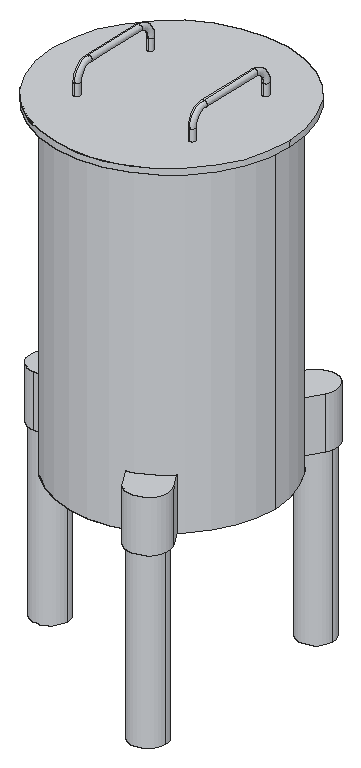
Revit family "M_Reservatório de mistura - Inferior em cone", category Equipamento mecânico, Revit 2019
Family settings
  Cota do conector redondo = Usar raio
  Tipo de parte = Normal
  Número OmniClass = 23.15.30.27.11
  Título OmniClass = Tanks, Reservoirs
  ID de item do Seek = Mixing Tank - Cone Bottom-0000-CAN-ENU
  Com base no plano de trabalho = Não
  Sempre na vertical = Sim
  Corte com vazios quando carregada = Não
  Compartilhado = Não
  Ponto de cálculo do ambiente = Não
Parameters (values of type "114 L")
  Material do reservatório = none
  Raio do reservatório = 229 mm
  Altura do reservatório = 737 mm
  Queda de pressão [instance] = 69000.0 Pa
  Raio da saída = 25 mm
  Diâmetro da saída = Raio da saída * 2  # 50 mm
  Material da perna = none
  Deslocamento vertical da perna = Deslocamento da perna * sin(60.00°)  # 231.229 mm
  Deslocamento horizontal da perna = Deslocamento da perna * cos(60.00°)  # 133.5 mm
  Deslocamento da perna = Raio do reservatório + 38 mm  # 267 mm
  Altura da perna = 384 mm
  Comprimento do corrimão = 203 mm
  Distância do corrimão = 254 mm
  Fluxo [instance] = 0.63 L/s
  Raio da cobertura = Raio do reservatório + 32 mm  # 261 mm
  Deslocamento inferior = Raio do reservatório * tan(15.00°)  # 61.36 mm
Types (8, lengths in mm): name | Raio do reservatório | Altura do reservatório | Raio da saída | Diâmetro da saída | Deslocamento vertical da perna | Deslocamento horizontal da perna | Deslocamento da perna | Altura da perna | Comprimento do corrimão | Distância do corrimão | Raio da cobertura | Deslocamento inferior
  (no name) | 229 | 737 | 25 | 50 | 231.229 | 133.5 | 267 | 384 | 203 | 254 | 261 | 61.36
  114 L | 229 | 737 | 25 | 50 | 231.229 | 133.5 | 267 | 384 | 203 | 254 | 261 | 61.36
  209 L | 289 | 889 | 25 | 50 | 283.19 | 163.5 | 327 | 401 | 305 | 305 | 321 | 77.437
  380 L | 387 | 889 | 25 | 50 | 368.061 | 212.5 | 425 | 422 | 305 | 457 | 419 | 103.696
  760 L | 483 | 1188 | 50 | 100 | 451.199 | 260.5 | 521 | 453 | 406 | 610 | 515 | 129.419
  950 L | 660 | 1486 | 50 | 100 | 604.486 | 349 | 698 | 510 | 406 | 813 | 692 | 176.846
  1140 L | 927 | 1778 | 50 | 100 | 835.715 | 482.5 | 965 | 572 | 406 | 1067 | 959 | 248.389
  1520 L | 1105 | 1778 | 50 | 100 | 989.867 | 571.5 | 1143 | 621 | 406 | 1321 | 1137 | 296.084
Reference planes
  plane 1 "Centro (Frente/Trás)": y = 0
  plane 2: z = 0
  plane 3 "Centro (Esquerda/Direita)": x = 0
  plane 4 "Parte superior da curva": z = 384
  plane 5: z = 1121
  plane 6: z = 1108.3
  plane 7 "Esquerda do corrimão": x = -127
  plane 8 "Direita do corrimão": x = 127
  plane 9: y = 101.5
  plane 10: y = -101.5
  plane 11: z = 1178.15
  plane 12 "Parte inferior da curva": z = 322.64
  plane 13: z = 293.271
  plane 14: x = -267
  plane 15: y = 231.229
  plane 16: y = -231.229
  plane 17: x = 133.5
  plane 18: z = 498.475
  plane 19: y = 44.45
  plane 20: y = -44.45
Forms (mm)
  Extrusion 1, solid, material <- "Material do reservatório", detail levels medium+fine
    sketch origin (0, 0, 0) x (1, 0, 0) y (0, 1, 0)
      loop
        circle (0, 0) r 261
    from 1108.3 to 1121
  Extrusion 2, solid, material <- "Material do reservatório"
    sketch origin (0, 0, 0) x (1, 0, 0) y (0, 1, 0)
      loop
        circle (0, 0) r 229
    from 384 to 1108.3
  Sweep 3, solid, material <- "Material do reservatório", detail levels medium+fine
    path origin (-127, 0, 0) x (0, 1, 0) y (0, 0, 1)
      loop
        line (101.5, 1121) -> (101.5, 1146.4)
        arc (101.5, 1146.4) -> (92.201, 1168.851) -> (69.75, 1178.15) r 31.75
        line (69.75, 1178.15) -> (-69.75, 1178.15)
        arc (-69.75, 1178.15) -> (-92.201, 1168.851) -> (-101.5, 1146.4) r 31.75
        line (-101.5, 1146.4) -> (-101.5, 1121)
    profile origin (-127, 101.5, 1133.7) x (0, -1, 0) y (1, 0, 0)
      loop
        circle (0, 0) r 6.35
  Sweep 4, solid, material <- "Material do reservatório", detail levels medium+fine
    path origin (127, 0, 0) x (0, 1, 0) y (0, 0, 1)
      loop
        line (101.5, 1121) -> (101.5, 1146.4)
        arc (101.5, 1146.4) -> (92.201, 1168.851) -> (69.75, 1178.15) r 31.75
        line (69.75, 1178.15) -> (-69.75, 1178.15)
        arc (-69.75, 1178.15) -> (-92.201, 1168.851) -> (-101.5, 1146.4) r 31.75
        line (-101.5, 1146.4) -> (-101.5, 1121)
    profile origin (127, 101.5, 1133.7) x (0, -1, 0) y (1, 0, 0)
      loop
        circle (0, 0) r 6.35
  Extrusion 5, solid, material <- "Material do reservatório"
    sketch origin (0, 0, 0) x (1, 0, 0) y (0, 1, 0)
      loop
        circle (0, 0) r 25
    from 293.271 to 322.64
  Blend 6, solid, material <- "Material do reservatório"
    base sketch origin (0, 0, 322.64) x (-1, 0, 0) y (0, -1, 0)
      loop
        circle (0, 0) r 25
    top sketch origin (0, 0, 384) x (-1, 0, 0) y (0, -1, 0)
      loop
        circle (0, 0) r 229
    from 0 to 0
  Extrusion 7, solid, material <- "Material da perna"
    sketch origin (0, 0, 384) x (-1, 0, 0) y (0, -1, 0)
      loop
        circle (267, 0) r 38.1
      loop
        circle (-133.5, -231.229) r 38.1
      loop
        circle (-133.5, 231.229) r 38.1
    from -384 to 0
  Extrusion 8, solid, material <- "Material da perna"
    sketch origin (0, 0, 384) x (-1, 0, 0) y (0, -1, 0)
      loop
        arc (267, -44.45) -> (311.45, 0) -> (267, 44.45) r 44.45
        line (267, 44.45) -> (226.341, 44.45)
        arc (226.341, 44.45) -> (230.665, 0) -> (226.341, -44.45) r 230.665
        line (226.341, -44.45) -> (267, -44.45)
    from 0 to 114.475
  Extrusion 9, solid, material <- "Material da perna"
    sketch origin (0, 0, 384) x (-1, 0, 0) y (0, -1, 0)
      loop
        line (-95.005, -253.454) -> (-74.676, -218.242)
        arc (-74.676, -218.242) -> (-115.332, -199.761) -> (-151.665, -173.792) r 230.665
        line (-151.665, -173.792) -> (-171.995, -209.004)
        arc (-171.995, -209.004) -> (-155.725, -269.724) -> (-95.005, -253.454) r 44.45
    from 0 to 114.475
  Extrusion 10, solid, material <- "Material da perna"
    sketch origin (0, 0, 384) x (-1, 0, 0) y (0, -1, 0)
      loop
        arc (-95.005, 253.454) -> (-155.725, 269.724) -> (-171.995, 209.004) r 44.45
        line (-171.995, 209.004) -> (-150.817, 172.323)
        arc (-150.817, 172.323) -> (-114.5, 198.32) -> (-73.827, 216.773) r 229
        line (-73.827, 216.773) -> (-95.005, 253.454)
    from 0 to 114.475
Cuts and joins
  joined: Extrusion 8, Extrusion 9, Extrusion 10
  joined: Sweep 3, Sweep 4
Lines and regions (mm)
  reference lines
    curve 1: line (133.5, 231.229, 384) -> (0, 0, 384)
    curve 2: line (0, 0, 384) -> (133.5, -231.229, 384)
    curve 3: line (-117.72, -114.997, 384) -> (95.005, 253.454, 384)
    curve 4: line (124.37, 126.515, 384) -> (-88.355, -241.936, 384)
    curve 5: line (95.005, -253.454, 384) -> (-165.345, 197.486, 384)
    curve 6: line (-69.305, 208.94, 384) -> (171.995, -209.004, 384)
Dimensions and locks
  "Altura da perna": plane 4 "Parte superior da curva" to plane 2
  "Altura do reservatório": plane 5 to plane 4 "Parte superior da curva"
  locked: plane 5 to plane 6 at 12.7
  "Distância do corrimão": plane 7 "Esquerda do corrimão" to plane 8 "Direita do corrimão"
  equal spacing: plane 7 "Esquerda do corrimão", plane 3 "Centro (Esquerda/Direita)", plane 8 "Direita do corrimão"
  equal spacing: plane 9, plane 1 "Centro (Frente/Trás)", plane 10
  "Comprimento do corrimão": plane 9 to plane 10
  locked: plane 11 to plane 5 at 57.15
  "Deslocamento inferior": plane 4 "Parte superior da curva" to plane 12 "Parte inferior da curva"
  locked: plane 12 "Parte inferior da curva" to plane 13 at 29.369
  "Deslocamento da perna": plane 14 to plane 3 "Centro (Esquerda/Direita)"
  "Deslocamento vertical da perna": plane 15 to plane 1 "Centro (Frente/Trás)"
  "Deslocamento vertical da perna": plane 16 to plane 1 "Centro (Frente/Trás)"
  "Deslocamento horizontal da perna": plane 3 "Centro (Esquerda/Direita)" to plane 17
  plane 19 to plane 1 "Centro (Frente/Trás)" to plane 20 = 44.45 mm locked, 44.45 mm locked
  locked: curve 2 to curve 5 at 44.45
  locked: curve 1 to curve 3 at 44.45
  locked: curve 1 to curve 4 at 44.45
  locked: curve 2 to curve 6 at 44.45
  "Raio da cobertura": radius of Extrusion 1 sketch curve
  "Raio do reservatório": radius of Extrusion 2 sketch curve
  radius of Sweep 4 sketch curve = 6.35 mm
  "Raio da saída": radius of Extrusion 5 sketch curve
  "Raio da saída": radius of Blend 6 sketch curve
  "Raio do reservatório": radius of Blend 6 sketch curve
  radius of Extrusion 7 sketch curve = 38.1 mm  (x3)
  radius of Extrusion 9 sketch curve = 44.45 mm
  radius of Extrusion 10 sketch curve = 44.45 mm
  "Raio do reservatório": radius of Extrusion 10 sketch curve
  locked: curve 3 to plane 3 "Centro (Esquerda/Direita)" (angle 30.00°)
  locked: plane 3 "Centro (Esquerda/Direita)" to curve 5 (angle 30.00°)
  angle plane 1 "Centro (Frente/Trás)" to curve 4 = 60.00°
  locked: curve 6 to plane 1 "Centro (Frente/Trás)" (angle 60.00°)
  aligned and locked: plane 1 "Centro (Frente/Trás)" to Extrusion 1 sketch curve
  aligned and locked: plane 3 "Centro (Esquerda/Direita)" to Extrusion 1 sketch curve
  aligned and locked: plane 5 to Extrusion 1
  aligned and locked: Extrusion 1 to plane 6
  aligned and locked: plane 1 "Centro (Frente/Trás)" to Extrusion 2 sketch curve
  aligned and locked: plane 3 "Centro (Esquerda/Direita)" to Extrusion 2 sketch curve
  aligned and locked: Extrusion 2 to plane 4 "Parte superior da curva"
  aligned and locked: Sweep 3 sketch curve to plane 9
  aligned and locked: Sweep 3 sketch curve to plane 11
  aligned and locked: plane 10 to Sweep 3 sketch curve
  aligned and locked: Sweep 4 sketch curve to plane 9
  aligned and locked: Sweep 4 sketch curve to plane 11
  aligned and locked: plane 10 to Sweep 4 sketch curve
  aligned and locked: plane 1 "Centro (Frente/Trás)" to Extrusion 5 sketch curve
  aligned and locked: plane 3 "Centro (Esquerda/Direita)" to Extrusion 5 sketch curve
  aligned and locked: plane 12 "Parte inferior da curva" to Extrusion 5
  aligned and locked: Extrusion 5 to plane 13
  aligned and locked: plane 1 "Centro (Frente/Trás)" to Blend 6 sketch curve  (x2)
  aligned and locked: plane 3 "Centro (Esquerda/Direita)" to Blend 6 sketch curve  (x2)
  aligned and locked: plane 4 "Parte superior da curva" to Blend 6
  aligned and locked: plane 1 "Centro (Frente/Trás)" to Extrusion 7 sketch curve
  aligned and locked: plane 14 to Extrusion 7 sketch curve
  aligned and locked: plane 17 to Extrusion 7 sketch curve  (x2)
  aligned and locked: plane 15 to Extrusion 7 sketch curve
  aligned and locked: plane 16 to Extrusion 7 sketch curve
  aligned and locked: Extrusion 7 to plane 2
  aligned and locked: plane 4 "Parte superior da curva" to Extrusion 7
  aligned and locked: plane 15 to curve 1
  aligned and locked: plane 3 "Centro (Esquerda/Direita)" to curve 1
  aligned and locked: plane 16 to curve 2
  aligned and locked: plane 20 to Extrusion 8 sketch curve
  aligned and locked: plane 1 "Centro (Frente/Trás)" to Extrusion 8 sketch curve  (x2)
  aligned and locked: plane 14 to Extrusion 8 sketch curve
  aligned and locked: plane 3 "Centro (Esquerda/Direita)" to Extrusion 8 sketch curve
  aligned and locked: Extrusion 8 to plane 4 "Parte superior da curva"
  aligned and locked: plane 18 to Extrusion 8
  aligned and locked: Extrusion 9 to plane 4 "Parte superior da curva"
  aligned and locked: plane 18 to Extrusion 9
  aligned and locked: Extrusion 9 sketch curve to curve 3
  aligned and locked: plane 1 "Centro (Frente/Trás)" to Extrusion 9 sketch curve
  aligned and locked: plane 3 "Centro (Esquerda/Direita)" to Extrusion 9 sketch curve
  aligned and locked: Extrusion 9 sketch curve to curve 4
  aligned and locked: plane 16 to Extrusion 10 sketch curve
  aligned and locked: plane 1 "Centro (Frente/Trás)" to Extrusion 10 sketch curve
  aligned and locked: plane 3 "Centro (Esquerda/Direita)" to Extrusion 10 sketch curve
  aligned and locked: Extrusion 10 sketch curve to curve 5
  aligned and locked: Extrusion 10 to plane 4 "Parte superior da curva"
  aligned and locked: plane 18 to Extrusion 10
  aligned and locked: Extrusion 10 sketch curve to curve 6
  aligned and locked: plane 6 to Extrusion 2
Automatic sketch dimensions
  Sweep 3 sketch curve to plane 5 = 0 mm  (x2)
  plane 5 to Sweep 3 sketch curve = 25.4 mm  (x2)
  Sweep 3 sketch curve to plane 7 "Esquerda do corrimão" = 0 mm
  Sweep 3 sketch curve to profile plane = 0 mm
  Sweep 4 sketch curve to plane 5 = 0 mm  (x2)
  plane 5 to Sweep 4 sketch curve = 25.4 mm  (x2)
  Sweep 4 sketch curve to plane 8 "Direita do corrimão" = 0 mm
  Sweep 4 sketch curve to profile plane = 0 mm
  plane 14 to Extrusion 8 sketch curve = 40.659 mm
  Extrusion 9 sketch curve to plane 15 = 0 mm
  Extrusion 9 sketch curve to plane 15 = 22.225 mm
  plane 15 to Extrusion 9 sketch curve = 22.225 mm
  Extrusion 9 sketch curve to plane 15 = 12.987 mm
  curve 1 to plane 17 = 0 mm
  curve 2 to plane 17 = 0 mm
  plane 16 to curve 6 = 22.225 mm
  curve 4 to plane 17 = 9.13 mm
  plane 15 to curve 3 = 22.225 mm
  curve 5 to plane 16 = 22.225 mm
  plane 16 to Extrusion 10 sketch curve = 22.225 mm
  Extrusion 10 sketch curve to plane 16 = 22.225 mm
  radius of Sweep 3 sketch curve = 6.35 mm
Connectors
  piping at (0, 0, 293.271), diameter 50, driven by "Raio da saída", driven by "Fluxo", driven by "Queda de pressão"
    settings: on Extrusion 5, index 1, connector inside diameter 50 mm, connector length 0 mm, flow factor 0, pipe flow 0.63 L/s, pressure drop 69000.0 Pa, fitting loss kfactor 0, connector angle 0.00°, fixture units 0, engagement length 0 mm, angle of deflection 0.00°, flow configuration 0, flow direction 2, fitting loss method 4, system type 29, joint type 0, gender type 0, connector reference index -1, connector utility 0, adjustable connector no, is connector primary yes, connector description "Saída do reservatório"
